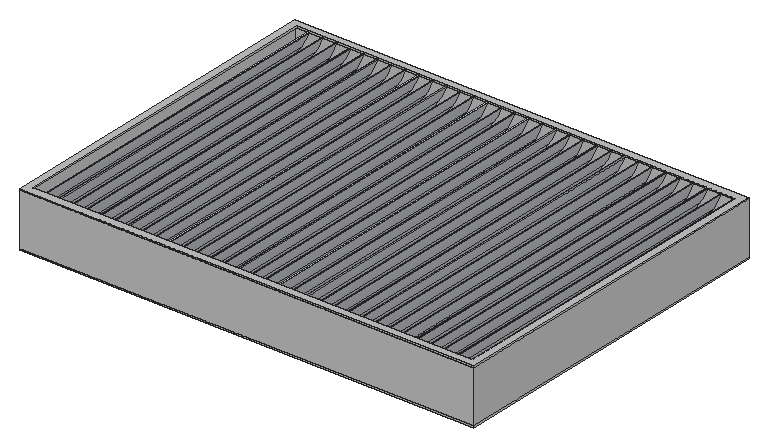
Revit family "Louver-Channel_Frame-Carnes-Wind_Driven_Rain_Hurricane-FRVB", category Air Terminals, host Face, Revit 2012
Parameters (values of type "(See Type Catalog)")
  ecoScorecard_data = ""
  ecoScorecard Product Page = "http://ecoscorecard.com/"
  Wall Thickness Cut [instance] = 10 7/8"
  URL = "http://www.carnes.com/index.html"
  Symbol Blades Quantity [instance] = Louver Width / 3"  # 16
  Subcategory = "Louvers and Dampers"
  Specifications  URL = "http://www.carnes.com/Louvers/pdf/17140.pdf"
  Single Section Maximum Size = "48\"W x 96\"H"
  Product Page URL = "http://www.carnes.com/Louvers/FRVB-FSVB.htm"
  Product Line = "Wind Driven Rain Louvers"
  Pressure Drop = 0.00 Pa
  Point of Water Penetration = 984 FPM
  Outside Width = Louver Width Control + 3/4" * 2  # 49 1/2"
  Outside Height = Louver Height Control + 3/4" * 2  # 37 1/2"
  Model = "FRVB"
  Minimum Size = "12\"W x 12\"H"
  Meets Building Code Standards = "See Catalog URL"
  Maximum Size Note = "48\"W x 96\"H"
  Manufacturer = "Carnes Company"
  Louver Width Control = if(Louver Width < 12", 12", if(Louver Width > 48", 48", Louver Width))  # 48"
  Louver Height Control = if(Louver Height < 12", 12", if(Louver Height > 96", 96", Louver Height))  # 36"
  Free Area Note = "See Spec Sheet URL"
  Free Area = 0.00 SF
  Description = "Wind Driven Rain Louvers"
  Connector Description 1 = "Duct Connetor"
  Blades Quantity [instance] = (Louver Width Control - (Blade Offset from Frame - 3/4")) / 1 1/2"  # 32
  Manufacturer Phone = "608-845-6411"
  Manufacturer Fax = "608-845-6470"
  Manufacturer Email = "mailto:carnes@carnes.com"
  Manufacturer Address = "448 S. Main St., P. O. Box 930040, Verona, WI 53593-0040"
  Louver Width = 48"
  Louver Length = 6"
  Louver Height = 36"
  Blades Length [instance] = Louver Length - 1/4"  # 5 3/4"
  Frame Material = Aluminum - Carnes - Extruded
  Default Elevation = 48"
  Cost Info = "mailto:carnes@carnes.com"
  Catalog URL = "http://www.carnes.com/Louvers/pdf/f52-55.pdf"
  Blades Width [instance] = 49 1/4"
  Blade Offset from Frame [instance] = 1"
  Blade Material = Aluminum - Carnes - Extruded
  Assembly Code = "D3090700"
  Airflow = 0 CFM
  95 CSI = "10200"
  04 CSI = "08 91 00"
Reference planes (in)
  plane 1 "Center (Elevation)": y = 0
  plane 2: z = 0
  plane 3 "Center (Left/Right)": x = 0
  plane 4: z = -6
  plane 5: z = -0.125
  plane 6: z = -5.875
  plane 7: z = -3
  plane 8: x = -24
  plane 9: x = 24
  plane 10: x = -24.75
  plane 11: x = 24.75
  plane 12: y = 18
  plane 13: y = -18
  plane 14: y = 18.75
  plane 15: y = -18.75
  plane 16 "Blade CL": y = 21.25
  plane 17: x = 23
  plane 18: z = -10.875
Forms (in)
  Extrusion 1, solid, material "Aluminum - Carnes - Extruded" <- "Frame Material"
    sketch origin (0, 0, 0) x (1, 0, 0) y (0, 1, 0)
      loop
        line (-24.75, 18.75) -> (-24.75, -18.75) -> (24.75, -18.75) -> (24.75, 18.75) -> (-24.75, 18.75)
      loop
        line (-24, 18) -> (-24, -18) -> (24, -18) -> (24, 18) -> (-24, 18)
    from -0.125 to 0
  Extrusion 2, solid, material "Aluminum - Carnes - Extruded" <- "Frame Material"
    sketch origin (0, 0, 0) x (1, 0, 0) y (0, 1, 0)
      loop
        line (-24.75, 18.75) -> (-24.75, -18.75) -> (24.75, -18.75) -> (24.75, 18.75) -> (-24.75, 18.75)
      loop
        line (-24, 18) -> (-24, -18) -> (24, -18) -> (24, 18) -> (-24, 18)
    from -6 to -5.875
  Extrusion 3, solid, material "Aluminum - Carnes - Extruded" <- "Frame Material"
    sketch origin (0, 0, 0) x (1, 0, 0) y (0, 1, 0)
      loop
        line (-24.625, 18.625) -> (-24.625, -18.625) -> (24.625, -18.625) -> (24.625, 18.625) -> (-24.625, 18.625)
      loop
        line (-24.75, 18.75) -> (-24.75, -18.75) -> (24.75, -18.75) -> (24.75, 18.75) -> (-24.75, 18.75)
    from -5.875 to -0.125
  Sweep 4, void
    path origin (0, 0, 0) x (1, 0, 0) y (0, 0, 1)
      loop
        line (0, 0) -> (0, -10.875)
    profile origin (0, 0, -5.4375) x (0, -1, 0) y (1, 0, 0)
      loop
        line (-18.75, -24.75) -> (18.75, -24.75) -> (18.75, 24.75) -> (-18.75, 24.75) -> (-18.75, -24.75)
Lines and regions (in)
  Masking region 1, detail levels medium+fine
    outline origin (0, 0, 0) x (1, 0, 0) y (0, 0, 1)
      loop
        line (24.75, 0) -> (-24.75, 0) -> (-24.75, -6) -> (24.75, -6) -> (24.75, 0)
  Masking region 2, detail levels medium+fine
    outline origin (0, 0, 0) x (1, 0, 0) y (0, 0, 1)
      loop
        line (24.75, 0) -> (24, 0) -> (24, -0.125) -> (24.625, -0.125) -> (24.625, -5.875) -> (24, -5.875) -> (24, -6) -> (24.75, -6) -> (24.75, 0)
      loop
        line (-24.75, 0) -> (-24.75, -6) -> (-24, -6) -> (-24, -5.875) -> (-24.625, -5.875) -> (-24.625, -0.125) -> (-24, -0.125) -> (-24, 0) -> (-24.75, 0)
  symbolic lines, detail levels fine
    curve 1: line (24, 0, -0.125) -> (-24, 0, -0.125)
    curve 2: line (24, 0, -5.875) -> (-24, 0, -5.875)
  symbolic lines
    curve 3: line (-24, 0, -0.28125) -> (-23.5625, 0, -0.28125)
    curve 4: line (-23.5625, 0, -0.28125) -> (-20.33652, 0, -5.71875)
    curve 5: line (-20.33652, 0, -5.71875) -> (-19.89902, 0, -5.71875)
    curve 6: line (19.89902, 0, -0.34375) -> (20.33652, 0, -0.34375)
    curve 7: line (20.33652, 0, -0.34375) -> (23.5625, 0, -5.78125)
    curve 8: line (23.5625, 0, -5.78125) -> (24, 0, -5.78125)
    curve 9: line (-21.0734, 0, -0.28542) -> (-20.6359, 0, -0.28542)
    curve 10: line (-20.6359, 0, -0.28542) -> (-17.40991, 0, -5.72292)
    curve 11: line (-17.40991, 0, -5.72292) -> (-16.97241, 0, -5.72292)
    curve 12: line (-18.1468, 0, -0.28958) -> (-17.7093, 0, -0.28958)
    curve 13: line (-17.7093, 0, -0.28958) -> (-14.48331, 0, -5.72708)
    curve 14: line (-14.48331, 0, -5.72708) -> (-14.04581, 0, -5.72708)
    curve 15: line (-15.2202, 0, -0.29375) -> (-14.7827, 0, -0.29375)
    curve 16: line (-14.7827, 0, -0.29375) -> (-11.55671, 0, -5.73125)
    curve 17: line (-11.55671, 0, -5.73125) -> (-11.11921, 0, -5.73125)
    curve 18: line (-12.2936, 0, -0.29792) -> (-11.8561, 0, -0.29792)
    curve 19: line (-11.8561, 0, -0.29792) -> (-8.63011, 0, -5.73542)
    curve 20: line (-8.63011, 0, -5.73542) -> (-8.19261, 0, -5.73542)
    curve 21: line (-9.36699, 0, -0.30208) -> (-8.92949, 0, -0.30208)
    curve 22: line (-8.92949, 0, -0.30208) -> (-5.70351, 0, -5.73958)
    curve 23: line (-5.70351, 0, -5.73958) -> (-5.26601, 0, -5.73958)
    curve 24: line (-6.44039, 0, -0.30625) -> (-6.00289, 0, -0.30625)
    curve 25: line (-6.00289, 0, -0.30625) -> (-2.77691, 0, -5.74375)
    curve 26: line (-2.77691, 0, -5.74375) -> (-2.33941, 0, -5.74375)
    curve 27: line (-3.51379, 0, -0.31042) -> (-3.07629, 0, -0.31042)
    curve 28: line (-3.07629, 0, -0.31042) -> (0.14969, 0, -5.74792)
    curve 29: line (0.14969, 0, -5.74792) -> (0.58719, 0, -5.74792)
    curve 30: line (-0.58719, 0, -0.31458) -> (-0.14969, 0, -0.31458)
    curve 31: line (-0.14969, 0, -0.31458) -> (3.07629, 0, -5.75208)
    curve 32: line (3.07629, 0, -5.75208) -> (3.51379, 0, -5.75208)
    curve 33: line (2.33941, 0, -0.31875) -> (2.77691, 0, -0.31875)
    curve 34: line (2.77691, 0, -0.31875) -> (6.00289, 0, -5.75625)
    curve 35: line (6.00289, 0, -5.75625) -> (6.44039, 0, -5.75625)
    curve 36: line (5.26601, 0, -0.32292) -> (5.70351, 0, -0.32292)
    curve 37: line (5.70351, 0, -0.32292) -> (8.92949, 0, -5.76042)
    curve 38: line (8.92949, 0, -5.76042) -> (9.36699, 0, -5.76042)
    curve 39: line (8.19261, 0, -0.32708) -> (8.63011, 0, -0.32708)
    curve 40: line (8.63011, 0, -0.32708) -> (11.8561, 0, -5.76458)
    curve 41: line (11.8561, 0, -5.76458) -> (12.2936, 0, -5.76458)
    curve 42: line (11.11921, 0, -0.33125) -> (11.55671, 0, -0.33125)
    curve 43: line (11.55671, 0, -0.33125) -> (14.7827, 0, -5.76875)
    curve 44: line (14.7827, 0, -5.76875) -> (15.2202, 0, -5.76875)
    curve 45: line (14.04581, 0, -0.33542) -> (14.48331, 0, -0.33542)
    curve 46: line (14.48331, 0, -0.33542) -> (17.7093, 0, -5.77292)
    curve 47: line (17.7093, 0, -5.77292) -> (18.1468, 0, -5.77292)
    curve 48: line (16.97241, 0, -0.33958) -> (17.40991, 0, -0.33958)
    curve 49: line (17.40991, 0, -0.33958) -> (20.6359, 0, -5.77708)
    curve 50: line (20.6359, 0, -5.77708) -> (21.0734, 0, -5.77708)
Dimensions and locks (in)
  equal spacing: plane 10, plane 3 "Center (Left/Right)", plane 11
  "Outside Width": plane 10 to plane 11
  equal spacing: plane 15, plane 1 "Center (Elevation)", plane 14
  "Outside Height": plane 15 to plane 14
  locked: plane 2 to plane 5 at 0.125
  locked: plane 6 to plane 4 at 0.125
  "Louver Length": plane 2 to plane 4
  equal spacing: plane 5, plane 7, plane 6
  locked: plane 10 to plane 8 at 0.75
  locked: plane 9 to plane 11 at 0.75
  locked: plane 14 to plane 12 at 0.75
  locked: plane 15 to plane 13 at 0.75
  locked: Masking region 2 sketch curve to plane 11 at 0.125
  locked: Extrusion 3 sketch curve to Extrusion 3 sketch curve at 0.125  (x4)
  curve 3 to plane 7 to curve 5 = 2 23/32" locked, 2 23/32" locked
  equal spacing: group 1, group 3, group 4, group 5, group 6, group 7, group 8, group 9, group 10, group 11, group 12, group 13, group 14, group 15, group 16, group 2  (x2)
  equal spacing: group 2, group 16, group 15, group 14, group 13, group 12, group 11, group 10, group 9, group 8, group 7, group 6, group 5, group 4, group 3, group 1
  curve 9 to curve 11 = 5 7/16"
  curve 12 to curve 14 = 5 7/16"
  curve 15 to curve 17 = 5 7/16"
  curve 18 to curve 20 = 5 7/16"
  curve 21 to curve 23 = 5 7/16"
  curve 24 to curve 26 = 5 7/16"
  curve 27 to curve 29 = 5 7/16"
  curve 30 to curve 32 = 5 7/16"
  curve 33 to curve 35 = 5 7/16"
  curve 36 to curve 38 = 5 7/16"
  curve 39 to curve 41 = 5 7/16"
  curve 42 to curve 44 = 5 7/16"
  curve 45 to curve 47 = 5 7/16"
  curve 48 to curve 50 = 5 7/16"
  equal spacing: group 48, group 47, group 46, group 45, group 44, group 43, group 42, group 41, group 40, group 39, group 38, group 37, group 36, group 35, group 34, group 33, group 32, group 31, group 30, group 29, group 28, group 27, group 26, group 25, group 24, group 23, group 22, group 21, group 20, group 19, group 18, group 17
  equal spacing: group 17, group 18, group 19, group 20, group 21, group 22, group 23, group 24, group 25, group 26, group 27, group 28, group 29, group 30, group 31, group 32, group 33, group 34, group 35, group 36, group 37, group 38, group 39, group 40, group 41, group 42, group 43, group 44, group 45, group 46, group 47, group 48  (x2)
  locked: nested 1 to nested 2 at 1.5
  "Blade Offset from Frame": plane 17 to plane 9
  "Wall Thickness Cut": plane 2 to plane 18
  aligned and locked: plane 2 to host face
  aligned and locked: host face to level
  aligned and locked: plane 10 to Extrusion 1 sketch curve
  aligned and locked: Extrusion 1 sketch curve to plane 14
  aligned and locked: plane 15 to Extrusion 1 sketch curve
  aligned and locked: plane 11 to Extrusion 1 sketch curve
  aligned and locked: plane 8 to Extrusion 1 sketch curve
  aligned and locked: Extrusion 1 sketch curve to plane 12
  aligned and locked: plane 13 to Extrusion 1 sketch curve
  aligned and locked: plane 9 to Extrusion 1 sketch curve
  aligned and locked: Extrusion 1 to plane 5
  aligned and locked: plane 2 to Extrusion 1
  aligned and locked: Extrusion 2 sketch curve to Extrusion 1  (x6)
  aligned and locked: Extrusion 1 to Extrusion 2 sketch curve  (x2)
  aligned and locked: plane 6 to Extrusion 2
  aligned and locked: Extrusion 2 to plane 4
  aligned and locked: plane 5 to Extrusion 3
  aligned and locked: Extrusion 3 to plane 6
  aligned and locked: plane 11 to Masking region 1 sketch curve
  aligned and locked: Masking region 1 sketch curve to plane 2
  aligned and locked: plane 4 to Masking region 1 sketch curve
  aligned and locked: plane 10 to Masking region 1 sketch curve
  aligned and locked: Masking region 2 sketch curve to plane 11
  aligned and locked: plane 4 to Masking region 2 sketch curve
  aligned and locked: curve 1 to plane 5
  aligned and locked: curve 2 to plane 6
  aligned and locked: plane 2 to Masking region 2 sketch curve
  aligned and locked: Masking region 2 sketch curve to plane 5
  aligned and locked: plane 9 to Masking region 2 sketch curve
  aligned and locked: Masking region 2 sketch curve to plane 9
  aligned and locked: Masking region 2 sketch curve to plane 6
  aligned and locked: Masking region 2 sketch curve to plane 4
  aligned and locked: plane 8 to Masking region 2 sketch curve
  aligned and locked: plane 6 to Masking region 2 sketch curve
  aligned and locked: plane 5 to Masking region 2 sketch curve
  aligned and locked: Masking region 2 sketch curve to plane 8
  aligned and locked: Masking region 2 sketch curve to plane 2
  aligned and locked: plane 10 to Masking region 2 sketch curve
  aligned and locked: plane 8 to curve 1
  aligned and locked: plane 8 to curve 2
  aligned and locked: plane 9 to curve 1
  aligned and locked: plane 9 to curve 2
  aligned and locked: Extrusion 3 sketch curve to plane 10
  aligned and locked: Extrusion 3 sketch curve to plane 15
  aligned and locked: Extrusion 3 sketch curve to plane 14
  aligned and locked: plane 11 to Extrusion 3 sketch curve
  aligned and locked: plane 9 to curve 8
  aligned and locked: plane 8 to curve 3
  aligned and locked: nested 1 to plane 17
  aligned and locked: plane 7 to nested 1
  aligned and locked: plane 2 to Sweep 4 sketch curve
  aligned and locked: Sweep 4 sketch curve to plane 3 "Center (Left/Right)"
  aligned and locked: Sweep 4 sketch curve to plane 10
  aligned and locked: Sweep 4 sketch curve to plane 14
  aligned and locked: plane 11 to Sweep 4 sketch curve
  aligned and locked: Sweep 4 sketch curve to plane 15
  aligned and locked: plane 18 to Sweep 4 sketch curve
Automatic sketch dimensions
  host sketch curve to host sketch curve = 65.35482"
  host sketch curve to host sketch curve = 83.62101"
  plane 10 to Masking region 2 sketch curve = 1/8"
Nested families (in)
  nested 1: "Louver_Blade-Carnes" at (23, 2.31979, -3), type "Standard"
    with Width 36", Length 5 3/4"
  nested 2: "Louver_Blade-Carnes" at (21.5, 2.31979, -3), type "Standard"
    with Width 36", Length 5 3/4"
  nested 3: "Louver_Blade-Carnes" at (20, 2.31979, -3), type "Standard"
    with Width 36", Length 5 3/4"
  nested 4: "Louver_Blade-Carnes" at (18.5, 2.31979, -3), type "Standard"
    with Width 36", Length 5 3/4"
  nested 5: "Louver_Blade-Carnes" at (17, 2.31979, -3), type "Standard"
    with Width 36", Length 5 3/4"
  nested 6: "Louver_Blade-Carnes" at (15.5, 2.31979, -3), type "Standard"
    with Width 36", Length 5 3/4"
  nested 7: "Louver_Blade-Carnes" at (14, 2.31979, -3), type "Standard"
    with Width 36", Length 5 3/4"
  nested 8: "Louver_Blade-Carnes" at (12.5, 2.31979, -3), type "Standard"
    with Width 36", Length 5 3/4"
  nested 9: "Louver_Blade-Carnes" at (11, 2.31979, -3), type "Standard"
    with Width 36", Length 5 3/4"
  nested 10: "Louver_Blade-Carnes" at (9.5, 2.31979, -3), type "Standard"
    with Width 36", Length 5 3/4"
  nested 11: "Louver_Blade-Carnes" at (8, 2.31979, -3), type "Standard"
    with Width 36", Length 5 3/4"
  nested 12: "Louver_Blade-Carnes" at (6.5, 2.31979, -3), type "Standard"
    with Width 36", Length 5 3/4"
  nested 13: "Louver_Blade-Carnes" at (5, 2.31979, -3), type "Standard"
    with Width 36", Length 5 3/4"
  nested 14: "Louver_Blade-Carnes" at (3.5, 2.31979, -3), type "Standard"
    with Width 36", Length 5 3/4"
  nested 15: "Louver_Blade-Carnes" at (2, 2.31979, -3), type "Standard"
    with Width 36", Length 5 3/4"
  nested 16: "Louver_Blade-Carnes" at (0.5, 2.31979, -3), type "Standard"
    with Width 36", Length 5 3/4"
  nested 17: "Louver_Blade-Carnes" at (-1, 2.31979, -3), type "Standard"
    with Width 36", Length 5 3/4"
  nested 18: "Louver_Blade-Carnes" at (-2.5, 2.31979, -3), type "Standard"
    with Width 36", Length 5 3/4"
  nested 19: "Louver_Blade-Carnes" at (-4, 2.31979, -3), type "Standard"
    with Width 36", Length 5 3/4"
  nested 20: "Louver_Blade-Carnes" at (-5.5, 2.31979, -3), type "Standard"
    with Width 36", Length 5 3/4"
  nested 21: "Louver_Blade-Carnes" at (-7, 2.31979, -3), type "Standard"
    with Width 36", Length 5 3/4"
  nested 22: "Louver_Blade-Carnes" at (-8.5, 2.31979, -3), type "Standard"
    with Width 36", Length 5 3/4"
  nested 23: "Louver_Blade-Carnes" at (-10, 2.31979, -3), type "Standard"
    with Width 36", Length 5 3/4"
  nested 24: "Louver_Blade-Carnes" at (-11.5, 2.31979, -3), type "Standard"
    with Width 36", Length 5 3/4"
  nested 25: "Louver_Blade-Carnes" at (-13, 2.31979, -3), type "Standard"
    with Width 36", Length 5 3/4"
  nested 26: "Louver_Blade-Carnes" at (-14.5, 2.31979, -3), type "Standard"
    with Width 36", Length 5 3/4"
  nested 27: "Louver_Blade-Carnes" at (-16, 2.31979, -3), type "Standard"
    with Width 36", Length 5 3/4"
  nested 28: "Louver_Blade-Carnes" at (-17.5, 2.31979, -3), type "Standard"
    with Width 36", Length 5 3/4"
  nested 29: "Louver_Blade-Carnes" at (-19, 2.31979, -3), type "Standard"
    with Width 36", Length 5 3/4"
  nested 30: "Louver_Blade-Carnes" at (-20.5, 2.31979, -3), type "Standard"
    with Width 36", Length 5 3/4"
  nested 31: "Louver_Blade-Carnes" at (-22, 2.31979, -3), type "Standard"
    with Width 36", Length 5 3/4"
  nested 32: "Louver_Blade-Carnes" at (-23.5, 2.31979, -3), type "Standard"
    with Width 36", Length 5 3/4"
Connectors (in)
  hvac at (0, 0, -6), driven by "Connector Description 1", driven by "Airflow", driven by "Pressure Drop", driven by "Louver Height Control", driven by "Louver Width Control"
    settings: on Extrusion 2, index 1, duct flow 0 CFM, flow factor 0, pres drop 0.00 Pa, loss coef 0, conn angle 0.00°, conn width 48", conn height 36", conn radius 12", duct sys type 29, conn prof type 1, flow config 0, flow direction 0, loss method 4, conn ref index -1, conn util no, is conn primary yes, conn desc "Duct Connetor"
Definition of nested family "Louver_Blade-Carnes"
  Parameters (values of type "Standard")
    Width = 72"
    Blade Material = Aluminum - Carnes - Extruded
    Length = 6"
    Assembly Code = ""
  Reference planes (in)
    plane 1 "Back": y = 33.68021
    plane 2: z = 0
    plane 3 "Center (Left/Right)": x = 0
    plane 4: y = -2.31979
    plane 5: z = 3
    plane 6: z = -3
    plane 7: x = -0.85906
    plane 8: x = 0.85906
    plane 9: y = -38.31979
  Forms (in)
    Sweep 1, solid
      path origin (0, 0, 0) x (1, 0, 0) y (0, 1, 0)
        loop
          line (0, -38.31979) -> (0, 33.68021)
      profile origin (0, -2.31979, 0) x (-1, 0, 0) y (0, 0, 1)
        loop
          line (-0.73704, -2.87605) -> (-0.71453, -3) -> (-0.65355, -3) -> (-0.67778, -2.86654)
          arc (-0.67778, -2.86654) -> (-0.69165, -2.62398) -> (-0.66611, -2.38236) r 1.49744
          arc (-0.66611, -2.38236) -> (-0.54296, -2.0117) -> (-0.3259, -1.687) r 1.45906
          arc (-0.3259, -1.687) -> (0.05482, -1.34252) -> (0.40267, -0.96489) r 5.64742
          arc (0.40267, -0.96489) -> (0.65296, -0.51294) -> (0.71453, 0) r 1.34575
          arc (0.71453, 0) -> (0.67024, 0.22482) -> (0.57341, 0.4325) r 0.95027
          arc (0.57341, 0.4325) -> (0.32455, 0.83314) -> (0.05638, 1.22112) r 9.62997
          arc (0.05638, 1.22112) -> (-0.42892, 2.082) -> (-0.79485, 3) r 7.38042
          line (-0.79485, 3) -> (-0.85906, 3) -> (-0.81728, 2.87687)
          arc (-0.81728, 2.87687) -> (-0.45873, 2.00579) -> (0.00701, 1.18699) r 7.44042
          arc (0.00701, 1.18699) -> (0.27419, 0.80053) -> (0.52208, 0.40142) r 9.56997
          arc (0.52208, 0.40142) -> (0.61308, 0.20657) -> (0.6547, -0.00442) r 0.89027
          arc (0.6547, -0.00442) -> (0.59587, -0.49449) -> (0.35674, -0.92629) r 1.28575
          arc (0.35674, -0.92629) -> (0.01092, -1.30155) -> (-0.36769, -1.64369) r 5.58742
          arc (-0.36769, -1.64369) -> (-0.59581, -1.98319) -> (-0.72507, -2.37124) r 1.51906
          arc (-0.72507, -2.37124) -> (-0.75165, -2.62315) -> (-0.73704, -2.87605) r 1.55744
  Dimensions and locks (in)
    equal spacing: plane 1 "Back", plane 4, plane 9
    "Width": plane 1 "Back" to plane 9
    equal spacing: plane 7, plane 3 "Center (Left/Right)", plane 8
    locked: plane 3 "Center (Left/Right)" to Sweep 1 sketch curve at 0.6547
    locked: plane 3 "Center (Left/Right)" to Sweep 1 sketch curve at 0.71453
    equal spacing: plane 5, plane 2, plane 6
    "Length": plane 5 to plane 6
    aligned and locked: Sweep 1 sketch curve to plane 5
    aligned and locked: plane 8 to Sweep 1 sketch curve
    aligned and locked: plane 6 to Sweep 1 sketch curve
  Automatic sketch dimensions
    plane 1 "Back" to Sweep 1 sketch curve = 0"
    Sweep 1 sketch curve to plane 3 "Center (Left/Right)" = 0"
    Sweep 1 sketch curve to plane 9 = 0"
    Sweep 1 sketch curve to Sweep 1 sketch curve = 0"  (x18)
    Sweep 1 sketch curve to level = 0"  (x2)
    Sweep 1 sketch curve to Sweep 1 sketch curve = 0.04178"
    Sweep 1 sketch curve to Sweep 1 sketch curve = 0.06422"
    Sweep 1 sketch curve to Sweep 1 sketch curve = 0.01196"
    Sweep 1 sketch curve to Sweep 1 sketch curve = 0.0225"
    Sweep 1 sketch curve to Sweep 1 sketch curve = 0.05925"
    Sweep 1 sketch curve to Sweep 1 sketch curve = 0.06098"
    Sweep 1 sketch curve to level = 0.09906"
    profile plane to Sweep 1 sketch curve = 0.3259"
    Sweep 1 sketch curve to level = 0.06995"
    profile plane to Sweep 1 sketch curve = 0.23315"
    Sweep 1 sketch curve to profile plane = 0.00701"
    Sweep 1 sketch curve to profile plane = 0.05638"
    Sweep 1 sketch curve to Sweep 1 sketch curve = 0.04593"
    Sweep 1 sketch curve to Sweep 1 sketch curve = 0.13262"
    Sweep 1 sketch curve to Sweep 1 sketch curve = 0.05133"
    Sweep 1 sketch curve to Sweep 1 sketch curve = 0.03772"
    Sweep 1 sketch curve to profile plane = 6.22855"
    Sweep 1 sketch curve to Sweep 1 sketch curve = 0.01113"
    Sweep 1 sketch curve to Sweep 1 sketch curve = 0.27057"
    Sweep 1 sketch curve to Sweep 1 sketch curve = 0.00712"
    Sweep 1 sketch curve to Sweep 1 sketch curve = 0.12395"
    Sweep 1 sketch curve to level = 4.44684"
    Sweep 1 sketch curve to Sweep 1 sketch curve = 1.65575"
    Sweep 1 sketch curve to Sweep 1 sketch curve = 0.04179"
    Sweep 1 sketch curve to Sweep 1 sketch curve = 0.3578"
